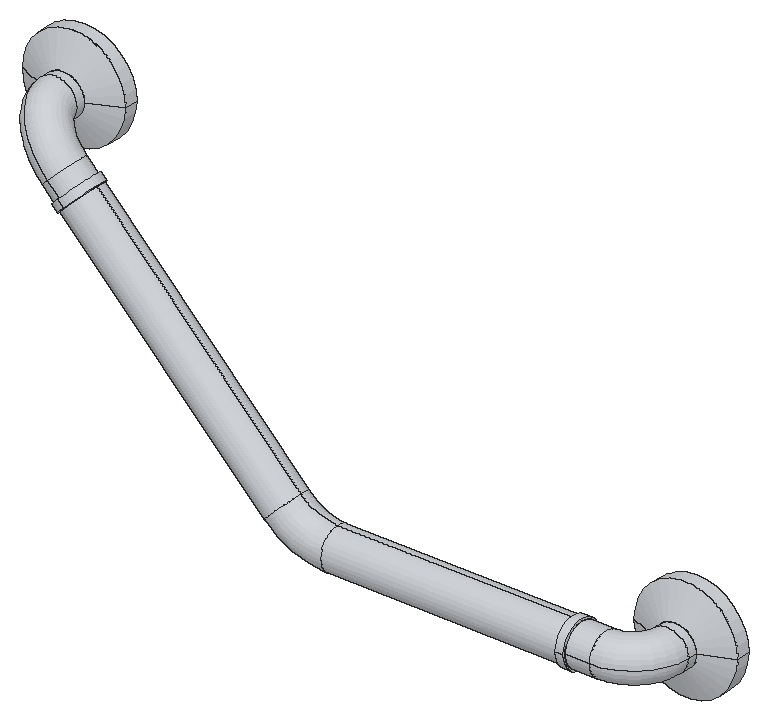
Revit family
Parameters
  Weight Limit = 0
  Warranty Duration (Years) = 0
  Unit Weight = 4.01
  Unit Length = 1' - 6 1/2"
  Unit Height = 0' - 8 7/16"
  URL = "http://www.pontegiulio.com"
  Trim Radius = 0' - 1 5/8"
  Specification = "http://www.arcat.com/sd/clients/pontegiu.html?coid=43483"
  Send Message = "http://www.arcat.com/users.pl?action=UserEmail&company=Ponte%20Giulio&coid=43483&rep=132&fax=877-766-8306&mf="
  Sales Information = "http://www.pontegiulio.it/us/info.php"
  Revision = "R1_01-2010"
  Return Radius = 0' - 2 3/16"
  Product Properties = "http://www.pgdb.it/schede/us/G16JASxx08_us.pdf"
  Product Data = "http://www.arcat.com/arcatcos/cos43/arc43483.html"
  Model = "Grab Bar as Specified in 10 28 13"
  Manufacturer's Notes = ""
  Manufacturer Website = "http://www.pontegiulio.com"
  Manufacturer Phone - Toll Free = "877-766-8301 "
  Manufacturer Fax = "877-766-8306"
  Manufacturer Address = "W241 S4021 Rockwood Circle, Waukesha, WI 53189"
  Manufacturer = "Ponte Giulio"
  Maintenance Schedule (Months) = 0
  Keynote = "10 28 13"
  Installation-Fabrication = ""
  Installation Phase = ""
  Green Building-LEED = "http://www.arcat.com/green/clients/leed_data_43483.html"
  Expected Lifespan (Years) = 0
  Drawn By = "Robert S. Weygant, CSI, CDT, SCIP"
  Diameter = 0' - 1 1/4"
  Description = "Grab Bar as Specified in 10 28 13"
  Default Elevation = 2' - 0"
  Copyright = "2010 ARCAT, Inc"
  Construction Details = ""
  Clear Space From Wall = 0' - 1 1/2"
  Building Codes = ""
  Bath Fixture Material [instance] = none
  Bath Fixture Accent [instance] = none
  Assembly Code = "C1030200"
  AK_Code Compliance = "ADA"
Reference planes (in)
  plane 1 "Center (Front/Back)": y = 0
  plane 2: z = 0
  plane 3 "Center (Left/Right)": x = 0
  plane 4: x = 18.5
  plane 5: y = -1.5
  plane 6 "CL2": z = 24
  plane 7 "CL1": z = 15.5625
  plane 8: through (0, -180, 24) normal (0.7071, 0, 0.7071)
  plane 9: y = -2.125
  plane 10: through (0.15126, -180, 23.84874) normal (0.7071, 0, 0.7071)
Forms (in)
  Revolve 1, solid, material <- "Bath Fixture Material"
    sketch origin (0, 0, 24) x (1, 0, 0) y (0, 1, 0)
      loop
        line (0, 0) -> (0, -0.8125) -> (0.625, -0.8125) -> (1.5625, -0.40625) -> (1.5625, 0) -> (0, 0)
      axis (0, -0.8125) -> (0, 0)
    angle from 0 to 360
  Revolve 2, solid, material <- "Bath Fixture Material"
    sketch origin (48, 0, 15.5625) x (1, 0, 0) y (0, 1, 0)
      loop
        line (-29.5, 0) -> (-29.5, -0.8125) -> (-28.875, -0.8125) -> (-27.9375, -0.40625) -> (-27.9375, 0) -> (-29.5, 0)
      axis (-29.5, -0.8125) -> (-29.5, 0)
    angle from 0 to 360
  Sweep 3, solid, material <- "Bath Fixture Accent"
    path in 3D
      loop
        line (1.62408, -2.125, 22.37592) -> (7.7968, -2.125, 16.2032)
        arc (7.7968, -2.125, 16.2032) -> (8.50647, -2.125, 15.72901) -> (9.34359, -2.125, 15.5625) r 2.1875
        line (9.34359, -2.125, 15.5625) -> (16.71875, -2.125, 15.5625)
    profile origin (8.50647, -2.125, 15.72901) x (-0.382683, 0, -0.92388) y (0, 1, 0)
      loop
        circle (0, 0) r 0.625
  Sweep 4, solid, material <- "Bath Fixture Material"
    path in 3D
      loop
        line (0, 0, 24) -> (0, -1.09375, 24)
        spline (0, -1.09375, 24) -> (0.00936, -1.22836, 23.99064) -> (0.03727, -1.36066, 23.96273) -> (0.08326, -1.48839, 23.91674) -> (0.14653, -1.60938, 23.85347) -> (0.22602, -1.72154, 23.77398) -> (0.32035, -1.82295, 23.67965) -> (0.42792, -1.9119, 23.57208) -> (0.54688, -1.98684, 23.45312) -> (0.67519, -2.0465, 23.32481) -> (0.81067, -2.08986, 23.18933) -> (0.95099, -2.11618, 23.04901) -> (1.09375, -2.125, 22.90625)
        line (1.09375, -2.125, 22.90625) -> (1.62408, -2.125, 22.37592)
    profile origin (0, -0.54688, 24) x (0.707107, 0, -0.707107) y (0.707107, 0, 0.707107)
      loop
        circle (0, 0) r 0.625
  Sweep 5, solid, material <- "Bath Fixture Material"
    path in 3D
      loop
        line (18.5, 0, 15.5625) -> (18.5, -1.09375, 15.5625)
        arc (18.5, -1.09375, 15.5625) -> (18.19795, -1.82295, 15.5625) -> (17.46875, -2.125, 15.5625) r 1.03125
        line (17.46875, -2.125, 15.5625) -> (16.71875, -2.125, 15.5625)
    profile origin (18.5, -0.54688, 15.5625) x (1, 0, 0) y (0, 0, 1)
      loop
        circle (0, 0) r 0.625
  Extrusion 6, solid, material <- "Bath Fixture Material"
    sketch origin (16.46875, 0, 0) x (0, 1, 0) y (0, 0, 1)
      loop
        circle (-2.125, 15.5625) r 0.6875
    from 0 to 0.25
  Extrusion 7, solid, material <- "Bath Fixture Material"
    sketch origin (-14.37486, 0, 6.73053) x (0, 1, 0) y (0.707107, 0, 0.707107)
      loop
        circle (-2.125, 22.37592) r 0.6875
    from 0 to 0.25
Lines and regions (in)
  model lines
    curve 1: line (0, 0, 24) -> (0, -1.09375, 24)
    curve 2: spline (0, -1.09375, 24) -> (0.00936, -1.22836, 23.99064) -> (0.03727, -1.36066, 23.96273) -> (0.08326, -1.48839, 23.91674) -> (0.14653, -1.60938, 23.85347) -> (0.22602, -1.72154, 23.77398) -> (0.32035, -1.82295, 23.67965) -> (0.42792, -1.9119, 23.57208) -> (0.54688, -1.98684, 23.45312) -> (0.67519, -2.0465, 23.32481) -> (0.81067, -2.08986, 23.18933) -> (0.95099, -2.11618, 23.04901) -> (1.09375, -2.125, 22.90625)
    curve 3: line (1.09375, -2.125, 22.90625) -> (1.62408, -2.125, 22.37592)
    curve 4: line (16.71875, -2.125, 15.5625) -> (17.46875, -2.125, 15.5625)
    curve 5: arc (18.5, -1.09375, 15.5625) -> (18.19795, -1.82295, 15.5625) -> (17.46875, -2.125, 15.5625) r 1.03125
    curve 6: line (18.5, 0, 15.5625) -> (18.5, -1.09375, 15.5625)
    curve 7: arc (7.7968, -2.125, 16.2032) -> (8.50647, -2.125, 15.72901) -> (9.34359, -2.125, 15.5625) r 2.1875
    curve 9: line (1.62408, -2.125, 22.37592) -> (7.7968, -2.125, 16.2032)
    curve 10: line (9.34359, -2.125, 15.5625) -> (16.71875, -2.125, 15.5625)
  sketch lines
    curve 8: arc (7.7968, -2.125, 16.2032) -> (8.50647, -2.125, 15.72901) -> (9.34359, -2.125, 15.5625) r 2.1875
    curve 11: line (1.62408, -2.125, 22.37592) -> (7.7968, -2.125, 16.2032)
    curve 12: line (9.34359, -2.125, 15.5625) -> (16.71875, -2.125, 15.5625)
    curve 13: line (0, 0, 24) -> (0, -1.09375, 24)
    curve 14: spline (0, -1.09375, 24) -> (0.00936, -1.22836, 23.99064) -> (0.03727, -1.36066, 23.96273) -> (0.08326, -1.48839, 23.91674) -> (0.14653, -1.60938, 23.85347) -> (0.22602, -1.72154, 23.77398) -> (0.32035, -1.82295, 23.67965) -> (0.42792, -1.9119, 23.57208) -> (0.54688, -1.98684, 23.45312) -> (0.67519, -2.0465, 23.32481) -> (0.81067, -2.08986, 23.18933) -> (0.95099, -2.11618, 23.04901) -> (1.09375, -2.125, 22.90625)
    curve 15: line (1.09375, -2.125, 22.90625) -> (1.62408, -2.125, 22.37592)
    curve 16: line (18.5, 0, 15.5625) -> (18.5, -1.09375, 15.5625)
    curve 17: arc (18.5, -1.09375, 15.5625) -> (18.19795, -1.82295, 15.5625) -> (17.46875, -2.125, 15.5625) r 1.03125
    curve 18: line (16.71875, -2.125, 15.5625) -> (17.46875, -2.125, 15.5625)
Dimensions and locks (in)
  "Unit Length": plane 3 "Center (Left/Right)" to plane 4
  locked: Revolve 1 sketch curve to Revolve 1 sketch curve at 0.8125
  "Clear Space From Wall": plane 5 to plane 1 "Center (Front/Back)"
  locked: Revolve 2 sketch curve to Revolve 2 sketch curve at 0.8125
  "Unit Length": plane 4 to plane 3 "Center (Left/Right)"
  locked: plane 5 to plane 9 at 0.625
  "Unit Height": plane 6 "CL2" to plane 7 "CL1"
  aligned and locked: plane 1 "Center (Front/Back)" to Revolve 1 sketch curve
  aligned and locked: Revolve 1 sketch curve to plane 3 "Center (Left/Right)"
  aligned and locked: plane 6 "CL2" to Revolve 1
  aligned and locked: Revolve 2 sketch curve to plane 4
  aligned and locked: plane 1 "Center (Front/Back)" to Revolve 2 sketch curve
  aligned and locked: plane 7 "CL1" to curve 4
  aligned and locked: plane 7 "CL1" to Revolve 2
Automatic sketch dimensions
  Sweep 3 sketch curve to profile plane = 0' - 0"  (x2)
  curve 7 to plane 7 "CL1" = 0' - 0"
  plane 3 "Center (Left/Right)" to curve 7 = 0' - 9.34359"
  Revolve 1 sketch curve to plane 3 "Center (Left/Right)" = 0' - 0"
  plane 3 "Center (Left/Right)" to Revolve 1 sketch curve = 0' - 0 5/8"
  plane 1 "Center (Front/Back)" to Revolve 1 sketch curve = 0' - 0 13/32"
  Revolve 1 sketch curve to Revolve 1 sketch curve = 0' - 0 15/16"
  Revolve 1 sketch curve to plane 1 "Center (Front/Back)" = 2' - 0"
  Revolve 2 sketch curve to plane 4 = 0' - 0"
  Revolve 2 sketch curve to Revolve 2 sketch curve = 0' - 0 5/8"
  plane 1 "Center (Front/Back)" to Revolve 2 sketch curve = 0' - 0 13/32"
  Revolve 2 sketch curve to Revolve 2 sketch curve = 0' - 0 15/16"
  Revolve 2 sketch curve to plane 1 "Center (Front/Back)" = 2' - 0"
  Revolve 1 sketch curve to plane 9 = 8' - 4.46882"
  Revolve 2 sketch curve to plane 9 = 8' - 4.46882"
  curve 6 to plane 1 "Center (Front/Back)" = 0' - 0"
  curve 5 to plane 4 = 0' - 0"
  curve 5 to plane 9 = 0' - 0"
  plane 5 to curve 5 = 0' - 0 13/32"
  curve 4 to curve 4 = 0' - 0 3/4"
  curve 3 to plane 9 = 0' - 0"
  curve 1 to plane 1 "Center (Front/Back)" = 0' - 0"
  plane 5 to curve 2 = 0' - 0 13/32"
  curve 3 to curve 2 = 0' - 0 3/4"
  curve 2 to curve 2 = 0' - 1.5468"
  curve 9 to plane 8 = 0' - 0"  (x2)
  curve 9 to plane 7 "CL1" = 0' - 0.6407"
  plane 3 "Center (Left/Right)" to curve 9 = 0' - 1.62408"
  curve 10 to plane 4 = 0' - 1 25/32"
  Sweep 4 sketch curve to profile plane = 0' - 0"  (x2)
  Sweep 5 sketch curve to profile plane = 0' - 0"  (x2)
  Extrusion 6 sketch curve to plane 7 "CL1" = 0' - 0"
  Extrusion 6 sketch curve to plane 9 = 0' - 0"
  Extrusion 7 sketch curve to plane 9 = 0' - 0"
  Extrusion 7 sketch curve to plane 8 = 0' - 0"
  radius of Sweep 3 sketch curve = 0' - 0 5/8"
  radius of Sweep 4 sketch curve = 0' - 0 5/8"
  radius of Sweep 5 sketch curve = 0' - 0 5/8"
  radius of Extrusion 6 sketch curve = 0' - 0 11/16"
  radius of Extrusion 7 sketch curve = 0' - 0 11/16"
